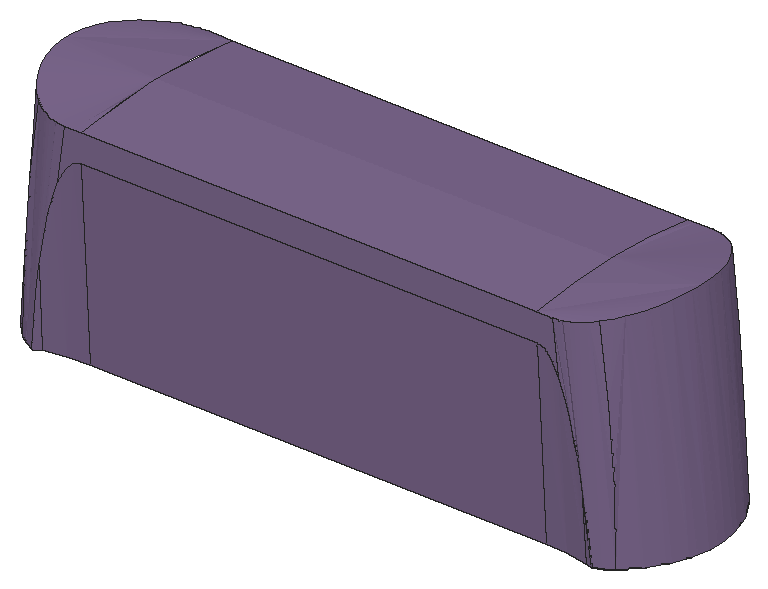
Revit family "NBS_PineappleContracts_Bnchs_RynoBench", category Furniture, Revit 2018
Family settings
  Work Plane-Based = No
  Always vertical = Yes
  Cut with Voids When Loaded = No
  Shared = No
  Room Calculation Point = No
Parameters (values of type "RynoBench")
  WeightOptions = "75 kg standard model, 50 kg lightweight model, contact manufacturer for additional weight options"
  WarrantyStartDate [instance] = "1900-12-31T23:59:59"
  WarrantyGuarantorParts = "n/a"
  WarrantyGuarantorLabor = "n/a"
  WarrantyDurationUnit = "year"
  WarrantyDurationParts = "n/a"
  WarrantyDurationLabor = "n/a"
  WarrantyDescription = "Lifetime guarantee against manufacturing faults"
  Version = "2"  # constant formula
  Uniclass2015Version = "Products v1.15"
  Uniclass2015Title = "Benches"
  Uniclass2015Code = "Pr_40_50_12_07"
  TagNumber [instance] = "n/a"
  SustainabilityPerformance = "100% recyclable"
  Style = "Bench"
  Status = "UNSET"
  Size = "470 x 1400 x 396 mm"
  Shape = "Rectangle"
  SerialNumber [instance] = "n/a"
  SeatingHeight = 470 mm
  Revision = "n/a"
  ReplacementCost = "n/a"
  Reference = "n/a"
  ProductInformation = "https://uk.pineapplecontracts.com/product/ryno-bench/"
  NominalWidth = 1400 mm
  NominalLength = 0 mm
  NominalHeight = 470 mm
  NominalDepth = 396 mm
  Name = "Benches_RynoBench_PineappleContracts"
  NBSReference = "45-35-86/321"
  NBSDescription = "Benches"
  NBSCertification = "www.nationalbimlibrary.com/cert/fwklt30j"
  ModelReference = "RynoBench"
  ModelNumber = "1RYN-FF-75"
  Material = "UV stabilised polyethylene with anti-microbial additive"
  ManufacturerURL = "www.pineapplecontracts.com"
  ManufacturerName = "Pineapple Contracts"  # constant formula
  Manufacturer = "sales@pineapplecontracts.com"
  MainColor = "n/a"
  LowestSeatingHeight = 470 mm
  IsBuiltIn = no
  InstallationDate [instance] = "1900-12-31T23:59:59"
  IfcExportType = "NOTDEFINED"  # constant formula
  IfcExportAs = "IfcFurnitureType"  # constant formula
  HighestSeatingHeight = 470 mm
  Grade = "n/a"
  Finish = "n/a"
  Features = "Weatherproof, fire retardant, floor fixing option available"
  ExpectedLife = "n/a"
  DurationUnit = "year"
  Description = "Ryno bench"
  Constituents = "n/a"
  Color = "Blaze orange, epic blue, icon purple, vegas yellow, cool green, black, thunder grey, moonwalk grey, lime green, granite"
  CodePerformance = "BS EN 16139: 2013 level 2, BS 5852:2006, UL94 HB flammability standards"
  Category = "Pr_40_50_12_07:Benches"
  Width = 1400 mm  # constant formula
  BenchMaterial = NBS_PineappleContracts_IconPurple
  Height = 470 mm  # constant formula
  Depth = 396 mm  # constant formula
  BarCode [instance] = "n/a"
  BIMObjectName = "NBS_PineappleContracts_Benches_RynoBench"
  Author = "NBS"  # constant formula
  AssetType = "Fixed"
  AssetIdentifier [instance] = "n/a"
  AccessibilityPerformance = "n/a"
Reference planes
  plane 1 "Center (Front/Back)": y = 0
  plane 2 "Bottom": z = 0
  plane 3 "Center (Left/Right)": x = 0
  plane 4 "Left": x = -700
  plane 5 "Right": x = 700
  plane 6 "Back": y = 198
  plane 7 "Front": y = -198
  plane 8 "Top": z = 470
Forms (mm)
  Extrusion 1, solid, material "NBS_PineappleContracts_IconPurple" <- "BenchMaterial", detail levels medium+fine
    sketch origin (0, 0, 0) x (1, 0, 0) y (0, 1, 0)
      loop
        line (-741.75, 198.001) -> (-741.75, -198.002) -> (700, -198.002) -> (700, 198.001) -> (-741.75, 198.001)
    from 0 to 474.694
  Sweep 2, void
    path origin (0, 1.25, 0) x (1, 0, 0) y (0, 1, 0)
      loop
        line (-611.106, -206.141) -> (-596.527, -197.39)
        arc (-596.527, -197.39) -> (-583.413, -190.776) -> (-569.472, -186.154) r 100
        arc (-569.472, -186.154) -> (-523.911, -177.63) -> (-477.647, -174.775) r 376.16
        line (-477.647, -174.775) -> (477.647, -174.775)
        arc (477.647, -174.775) -> (523.911, -177.63) -> (569.472, -186.154) r 376.16
        arc (569.472, -186.154) -> (583.413, -190.776) -> (596.527, -197.39) r 100
        line (596.527, -197.39) -> (611.106, -206.141)
    profile origin (0, -173.525, 0) x (0, 1, 0) y (0, 0, 1)
      loop
        line (-25.031, 396.32) -> (-42.147, 396.32) -> (-42.147, 0) -> (0.31, 0) -> (-25.031, 396.32)
  Sweep 3, void
    path origin (0, 0, 0) x (1, 0, 0) y (0, 0, 1)
      loop
        line (-700, -1.268) -> (-700, 0.428)
        arc (-700, 0.428) -> (-688.616, 269.203) -> (-654.546, 536.053) r 3178.608
    profile origin (-700, 0, -0.42) x (0, -1, 0) y (1, 0, 0)
      loop
        arc (-169.502, 78.449) -> (-190.651, 114.735) -> (-198.001, 156.086) r 120
        line (-198.001, 156.086) -> (-198.001, 222.47) -> (-223.001, 222.47) -> (-223.001, -147.53) -> (228.002, -147.53) -> (228.002, 223.572) -> (198.002, 223.572) -> (198.002, 156.222)
        arc (198.002, 156.222) -> (190.688, 114.968) -> (169.638, 78.744) r 120
        arc (169.638, 78.744) -> (0.136, 0) -> (-169.502, 78.449) r 222.221
  Sweep 4, void
    path origin (0, 0, 0) x (-1, 0, 0) y (0, 0, 1)
      loop
        line (-700, -1.268) -> (-700, 0.428)
        arc (-700, 0.428) -> (-688.616, 269.203) -> (-654.546, 536.053) r 3178.608
    profile origin (700, 0, -0.42) x (0, -1, 0) y (1, 0, 0)
      loop
        arc (-169.502, -78.449) -> (0.136, 0) -> (169.638, -78.744) r 222.221
        arc (169.638, -78.744) -> (190.688, -114.968) -> (198.002, -156.222) r 120
        line (198.002, -156.222) -> (198.002, -223.572) -> (228.002, -223.572) -> (228.002, 147.53) -> (-223.001, 147.53) -> (-223.001, -222.47) -> (-198.001, -222.47) -> (-198.001, -156.086)
        arc (-198.001, -156.086) -> (-190.651, -114.735) -> (-169.502, -78.449) r 120
  Sweep 5, void
    path origin (0, -1.25, 0) x (1, 0, 0) y (0, -1, 0)
      loop
        line (-611.106, -206.141) -> (-596.527, -197.39)
        arc (-596.527, -197.39) -> (-583.413, -190.776) -> (-569.472, -186.154) r 100
        arc (-569.472, -186.154) -> (-523.911, -177.63) -> (-477.647, -174.775) r 376.16
        line (-477.647, -174.775) -> (477.647, -174.775)
        arc (477.647, -174.775) -> (523.911, -177.63) -> (569.472, -186.154) r 376.16
        arc (569.472, -186.154) -> (583.413, -190.776) -> (596.527, -197.39) r 100
        line (596.527, -197.39) -> (611.106, -206.141)
    profile origin (0, 173.525, 0) x (0, 1, 0) y (0, 0, 1)
      loop
        line (25.031, 396.32) -> (-0.31, 0) -> (42.147, 0) -> (42.147, 396.32) -> (25.031, 396.32)
  Sweep 6, void
    path origin (0, 0, 10) x (0, 1, 0) y (0, 0, 1)
      loop
        arc (206.631, 446.336) -> (-2.674, 462.86) -> (-211.909, 445.475) r 1300
    profile origin (0, -2.674, 472.86) x (0, 0.002057, -0.999998) y (1, 0, 0)
      loop
        arc (12.178, 477.53) -> (7.84, 582.3) -> (-5.145, 686.352) r 1267.316
        line (-5.145, 686.352) -> (-62.822, 686.352) -> (-62.822, -686.352) -> (-5.145, -686.352)
        arc (-5.145, -686.352) -> (7.84, -582.3) -> (12.178, -477.53) r 1267.316
        line (12.178, -477.53) -> (12.178, 477.53)
  Extrusion 7, solid, material "NBS_PineappleContracts_IconPurple" <- "BenchMaterial", detail levels coarse
    sketch origin (221.348, -218.885, 0) x (1, 0, 0) y (0, 1, 0)
      loop
        line (-921.348, 20.885) -> (478.652, 20.885) -> (478.652, 416.885) -> (-921.348, 416.885) -> (-921.348, 20.885)
    from 0 to 470
Cuts and joins
  Sweep 2, Sweep 3, Sweep 4, Sweep 5, Sweep 6 cuts Extrusion 1
Dimensions and locks
  "Width": plane 4 "Left" to plane 5 "Right"
  "Depth": plane 7 "Front" to plane 6 "Back"
  "Height": plane 8 "Top" to plane 2 "Bottom"
  aligned and locked: level to plane 2 "Bottom"
Automatic sketch dimensions
  Extrusion 1 sketch curve to plane 5 "Right" = 0 mm
  Extrusion 1 sketch curve to plane 6 "Back" = 0.001 mm
  Extrusion 1 sketch curve to plane 4 "Left" = 41.75 mm
  plane 7 "Front" to Extrusion 1 sketch curve = 0.002 mm
  Sweep 2 sketch curve to plane 7 "Front" = 1.86 mm  (x2)
  plane 4 "Left" to Sweep 2 sketch curve = 103.473 mm
  Sweep 2 sketch curve to Sweep 2 sketch curve = 51.467 mm  (x2)
  plane 4 "Left" to Sweep 2 sketch curve = 222.353 mm
  Sweep 2 sketch curve to plane 5 "Right" = 222.353 mm
  plane 7 "Front" to Sweep 2 sketch curve = 83.879 mm  (x2)
  Sweep 2 sketch curve to Sweep 2 sketch curve = 67.414 mm
  Sweep 2 sketch curve to Sweep 2 sketch curve = 267.805 mm  (x2)
  Sweep 2 sketch curve to plane 7 "Front" = 24.475 mm
  plane 7 "Front" to Sweep 2 sketch curve = 6.891 mm  (x2)
  Sweep 2 sketch curve to Sweep 2 sketch curve = 14.578 mm  (x2)
  Sweep 2 sketch curve to level = 0 mm
  profile plane to Sweep 2 sketch curve = 42.147 mm
  Sweep 2 sketch curve to Sweep 2 sketch curve = 17.117 mm
  Sweep 2 sketch curve to profile plane = 0.31 mm
  Sweep 2 sketch curve to Sweep 2 sketch curve = 396.32 mm
  Sweep 3 sketch curve to plane 4 "Left" = 0 mm
  level to Sweep 3 sketch curve = 0.428 mm
  plane 5 "Right" to Sweep 3 sketch curve = 1778.608 mm
  plane 4 "Left" to Sweep 3 sketch curve = 45.454 mm
  Sweep 3 sketch curve to level = 1.268 mm
  Sweep 3 sketch curve to plane 1 "Center (Front/Back)" = 223.001 mm
  Sweep 3 sketch curve to Sweep 3 sketch curve = 25 mm
  Sweep 3 sketch curve to plane 1 "Center (Front/Back)" = 78.001 mm
  Sweep 3 sketch curve to plane 1 "Center (Front/Back)" = 0.057 mm
  plane 1 "Center (Front/Back)" to Sweep 3 sketch curve = 78.002 mm
  Sweep 3 sketch curve to Sweep 3 sketch curve = 120 mm
  plane 1 "Center (Front/Back)" to Sweep 3 sketch curve = 228.002 mm
  profile plane to Sweep 3 sketch curve = 147.53 mm
  Sweep 3 sketch curve to profile plane = 156.086 mm
  Sweep 3 sketch curve to Sweep 3 sketch curve = 0.136 mm
  Sweep 3 sketch curve to Sweep 3 sketch curve = 66.135 mm
  Sweep 3 sketch curve to Sweep 3 sketch curve = 66.384 mm
  Sweep 3 sketch curve to Sweep 3 sketch curve = 67.35 mm
  Sweep 3 sketch curve to Sweep 3 sketch curve = 0 mm
  Sweep 4 sketch curve to plane 5 "Right" = 0 mm
  Sweep 4 sketch curve to level = 0.428 mm
  plane 4 "Left" to Sweep 4 sketch curve = 1778.608 mm
  plane 5 "Right" to Sweep 4 sketch curve = 45.454 mm
  level to Sweep 4 sketch curve = 1.268 mm
  Sweep 4 sketch curve to plane 1 "Center (Front/Back)" = 223.001 mm
  Sweep 4 sketch curve to Sweep 4 sketch curve = 25 mm
  Sweep 4 sketch curve to plane 1 "Center (Front/Back)" = 78.001 mm
  Sweep 4 sketch curve to plane 1 "Center (Front/Back)" = 0.057 mm
  plane 1 "Center (Front/Back)" to Sweep 4 sketch curve = 78.002 mm
  Sweep 4 sketch curve to Sweep 4 sketch curve = 120 mm
  plane 1 "Center (Front/Back)" to Sweep 4 sketch curve = 228.002 mm
  profile plane to Sweep 4 sketch curve = 223.572 mm
  profile plane to Sweep 4 sketch curve = 222.47 mm
  Sweep 4 sketch curve to Sweep 4 sketch curve = 0.249 mm
  Sweep 4 sketch curve to Sweep 4 sketch curve = 65.999 mm
  Sweep 4 sketch curve to Sweep 4 sketch curve = 66.384 mm
  Sweep 4 sketch curve to profile plane = 147.53 mm
  Sweep 4 sketch curve to Sweep 4 sketch curve = 0 mm
  Sweep 5 sketch curve to plane 6 "Back" = 1.86 mm  (x2)
  Sweep 5 sketch curve to plane 4 "Left" = 103.473 mm
  Sweep 5 sketch curve to Sweep 5 sketch curve = 51.467 mm  (x2)
  Sweep 5 sketch curve to plane 4 "Left" = 222.353 mm
  plane 5 "Right" to Sweep 5 sketch curve = 222.353 mm
  plane 6 "Back" to Sweep 5 sketch curve = 83.879 mm  (x2)
  Sweep 5 sketch curve to Sweep 5 sketch curve = 67.414 mm
  Sweep 5 sketch curve to Sweep 5 sketch curve = 267.805 mm  (x2)
  Sweep 5 sketch curve to plane 6 "Back" = 24.475 mm
  plane 6 "Back" to Sweep 5 sketch curve = 6.891 mm  (x2)
  Sweep 5 sketch curve to Sweep 5 sketch curve = 14.578 mm  (x2)
  Sweep 5 sketch curve to level = 0 mm
  profile plane to Sweep 5 sketch curve = 0.31 mm
  Sweep 5 sketch curve to profile plane = 25.031 mm
  Sweep 5 sketch curve to Sweep 5 sketch curve = 17.117 mm
  Sweep 5 sketch curve to Sweep 5 sketch curve = 396.32 mm
  Sweep 6 sketch curve to plane 3 "Center (Left/Right)" = 477.53 mm
  profile plane to Sweep 6 sketch curve = 1255.139 mm
  plane 3 "Center (Left/Right)" to Sweep 6 sketch curve = 477.53 mm
  Sweep 6 sketch curve to Sweep 6 sketch curve = 0 mm
  profile plane to Sweep 6 sketch curve = 62.822 mm
  profile plane to Sweep 6 sketch curve = 5.145 mm  (x2)
  Sweep 6 sketch curve to profile plane = 12.178 mm
  Sweep 6 sketch curve to plane 1 "Center (Front/Back)" = 0 mm
  Sweep 6 sketch curve to level = 827.138 mm
  plane 7 "Front" to Sweep 6 sketch curve = 13.909 mm
  Sweep 6 sketch curve to plane 6 "Back" = 8.631 mm
  Sweep 6 sketch curve to plane 8 "Top" = 14.525 mm
  Extrusion 7 sketch curve to plane 7 "Front" = 396 mm
  Extrusion 7 sketch curve to plane 3 "Center (Left/Right)" = 700 mm
  Extrusion 7 sketch curve to plane 5 "Right" = 0 mm
  Extrusion 7 sketch curve to Extrusion 7 sketch curve = 396 mm
